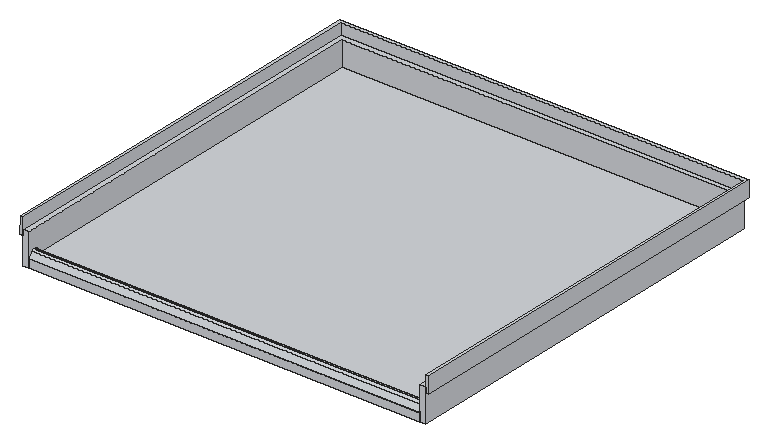
Revit family "Shower_Base-Willoughby AS-S3636ADA-C", category Plumbing Fixtures, Revit 2015
Parameters (values of type "Center Drain")
  Waste Connection = no
  Vent Connection = no
  URL = "https://www.willoughby-ind.com/wp-content/uploads/2018/02/AS-S3636ADA-Spec-Page.pdf"
  Revision = "A"
  Model = "AS-S3636ADA-C"
  Manufacturer = "Willoughby Industries"
  Location Drain = 1' - 6 3/4"
  HW Connection = no
  Drain Front Edge = 2' - 7 3/8"
  Description = "36\" X 36\" Shower Base, Rear Trench, Center Drain"
  Contact number = "(800) 428-4065"
  CW Connection = no
Reference planes (in)
  plane 1 "Center (Front/Back)": y = 0
  plane 2: z = 0
  plane 3 "Center (Left/Right)": x = 0
Forms (in)
  Extrusion 1, solid
    sketch origin (0, 0, 0) x (1, 0, 0) y (0, 1, 0)
      loop
        line (-18, 0) -> (-18, -18) -> (18, -18) -> (18, 18) -> (-18, 18) -> (-18, 0)
    from 0 to 0.75
  Extrusion 2, solid
    sketch origin (0, 0, 0) x (1, 0, 0) y (0, 1, 0)
      loop
        line (-18, -18) -> (-18, 18) -> (18, 18) -> (18, -18) -> (18.5, -18) -> (18.5, 18.5) -> (-18.5, 18.5) -> (-18.5, -18) -> (-18, -18)
    from 0 to 3
  Extrusion 3, solid
    sketch origin (0, 0, 0) x (1, 0, 0) y (0, 1, 0)
      loop
        line (-18.75, -18) -> (-18.5, -18) -> (-18.5, 18.5) -> (18.5, 18.5) -> (18.5, -18) -> (18.75, -18) -> (18.75, 18.75) -> (-18.75, 18.75) -> (-18.75, -18)
    from 2.5 to 4
  Extrusion 4, solid
    sketch origin (0, 0, 0) x (1, 0, 0) y (0, 1, 0)
      loop
        circle (0, 13.375) r 1
    from -1.5625 to 0
  Extrusion 5, solid
    sketch origin (0, 0, 0) x (0, 1, 0) y (0, 0, 1)
      loop
        line (-18, 0.75) -> (-16.875, 0.75) -> (-17.18771, 1.27118)
        arc (-17.18771, 1.27118) -> (-17.26968, 1.34416) -> (-17.375, 1.375) r 0.25
        line (-17.375, 1.375) -> (-17.5, 1.375)
        arc (-17.5, 1.375) -> (-17.60532, 1.34416) -> (-17.68729, 1.27118) r 0.25
        line (-17.68729, 1.27118) -> (-18, 0.75)
    from -18 to 18
Dimensions and locks (in)
  "Drain Front Edge": Extrusion 1 to Extrusion 4 sketch curve
  "Location Drain": Extrusion 3 to Extrusion 4 sketch curve
  aligned and locked: level to plane 2
Automatic sketch dimensions
  plane 1 "Center (Front/Back)" to Extrusion 1 sketch curve = 0' - 0"
  Extrusion 1 sketch curve to plane 3 "Center (Left/Right)" = 1' - 6"
  plane 3 "Center (Left/Right)" to Extrusion 1 sketch curve = 1' - 6"
  plane 1 "Center (Front/Back)" to Extrusion 1 sketch curve = 1' - 6"
  Extrusion 1 sketch curve to plane 1 "Center (Front/Back)" = 1' - 6"
  Extrusion 2 sketch curve to plane 3 "Center (Left/Right)" = 1' - 6 1/2"
  Extrusion 2 sketch curve to Extrusion 2 sketch curve = 0' - 0 1/2"  (x3)
  plane 3 "Center (Left/Right)" to Extrusion 2 sketch curve = 1' - 6"
  plane 1 "Center (Front/Back)" to Extrusion 2 sketch curve = 1' - 6"  (x2)
  Extrusion 2 sketch curve to plane 1 "Center (Front/Back)" = 1' - 6"
  Extrusion 3 sketch curve to plane 3 "Center (Left/Right)" = 1' - 6 3/4"
  Extrusion 3 sketch curve to Extrusion 3 sketch curve = 0' - 0 1/4"  (x3)
  plane 3 "Center (Left/Right)" to Extrusion 3 sketch curve = 1' - 6 1/2"
  plane 1 "Center (Front/Back)" to Extrusion 3 sketch curve = 1' - 6"  (x2)
  Extrusion 3 sketch curve to plane 1 "Center (Front/Back)" = 1' - 6 1/2"
  level to Extrusion 5 sketch curve = 0' - 0 3/4"
  plane 1 "Center (Front/Back)" to Extrusion 5 sketch curve = 1' - 6"
  level to Extrusion 5 sketch curve = 0' - 1.27118"  (x2)
  Extrusion 5 sketch curve to Extrusion 5 sketch curve = 0' - 0.31271"  (x2)
  Extrusion 5 sketch curve to Extrusion 5 sketch curve = 0' - 0.18729"  (x2)
  Extrusion 5 sketch curve to Extrusion 5 sketch curve = 0' - 0.20317"
  Extrusion 5 sketch curve to Extrusion 5 sketch curve = 0' - 0.09324"
  Extrusion 5 sketch curve to Extrusion 5 sketch curve = 0' - 0 1/8"
  Extrusion 5 sketch curve to Extrusion 5 sketch curve = 0' - 0.14568"
  radius of Extrusion 4 sketch curve = 0' - 1"
